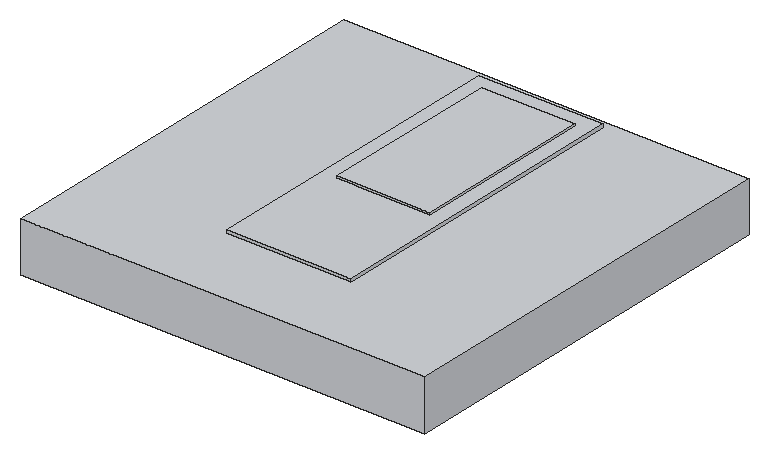
Revit family "室内组合消火栓箱 - 双栓 - 背面单进水接口带卷盘", category 机械设备, Revit 2016
Family settings
  主体 = 面
  零件类型 = 标准
  圆形连接件大小 = 使用半径
  加载时剪切的空心 = 是
  共享 = 否
  房间计算点 = 否
Parameters (values of type "类型 D - 背面 - 65 mm")
  明装 [instance] = no
  半暗装 [instance] = no
  暗装 [instance] = yes
  半径 = (B - 偏移 * 2) * 0.5 * 0.7  # 196.875 mm
  偏移 = B / 8  # 93.75 mm
  公称半径 = 32.5 mm
  公称直径 = 公称半径 * 2  # 65 mm
  H = 720 mm
  G = 140 mm
  自由标头 [instance] = 0.00 Pa
  流量 [instance] = 0.0 L/s
  F = 220 mm
  深度 1 [instance] = if(半暗装, 160 mm, if(明装, 50 mm, (C + 25 mm)))  # 265 mm
  默认高程 = 1100 mm
  D = 620 mm
  箱材质 = none
  C = 240 mm
  B = 750 mm
  A = 1900 mm
Types (3, lengths in mm): name | H | F | 深度 1 | D | C | A
  类型 D - 背面 - 65 mm | 720 | 220 | 265 | 620 | 240 | 1900
  薄型 1 - 背面 - 65 mm | 680 | 250 | 185 | 780 | 160 | 2000
  薄型 2 - 背面 - 65 mm | 680 | 250 | 205 | 780 | 180 | 2000
Reference planes
  plane 1 "中心(前/后)": y = 0
  plane 2: z = 0
  plane 3 "中心(左/右)": x = 0
  plane 4: x = -375
  plane 5: x = 375
  plane 6: y = -720
  plane 7: y = 1180
  plane 8: x = -281.25
  plane 9: x = 281.25
  plane 10: y = 1086.25
  plane 11: z = 25
  plane 12: z = 15
  plane 13: z = 50
  plane 14: z = -215
  plane 15: y = -100
  plane 16: y = -6.25
  plane 17: x = -155
  plane 18: x = 235
  plane 19: y = 540
Forms (mm)
  Extrusion 1, solid
    sketch origin (0, 0, 0) x (1, 0, 0) y (0, 1, 0)
      loop
        line (-1219.2, 1219.2) -> (-1219.2, -1219.2) -> (1219.2, -1219.2) -> (1219.2, 1219.2) -> (-1219.2, 1219.2)
    from 0 to -304.8
  Extrusion 2, solid, material <- "箱材质"
    sketch origin (0, 0, 0) x (1, 0, 0) y (0, 1, 0)
      loop
        line (-375, 1180) -> (-375, -720) -> (375, -720) -> (375, 1180) -> (-375, 1180)
    from -215 to 15
  Extrusion 3, solid, material <- "箱材质"
    sketch origin (0, 0, 0) x (1, 0, 0) y (0, 1, 0)
      loop
        line (-281.25, 1086.25) -> (-281.25, -6.25) -> (281.25, -6.25) -> (281.25, 1086.25) -> (-281.25, 1086.25)
    from 15 to 25
  Extrusion 4, solid, material <- "箱材质"
    sketch origin (-388.01, -4572, 15) x (-1, 0, 0) y (0, -1, 0)
      loop
        circle (-233.01, -4572) r 32.5
    from -230 to 0
  Extrusion 5, solid, material <- "箱材质"
    sketch origin (-388.01, -4572, 15) x (-1, 0, 0) y (0, -1, 0)
      loop
        circle (-623.01, -4572) r 32.5
    from 0 to -230
Cuts and joins
  joined: Extrusion 2, Extrusion 3, Extrusion 4, Extrusion 5
Lines and regions (mm)
  model lines, style "消火栓箱"
    curve 1: line (-375, -100, 15) -> (375, -100, 15)
    curve 2: line (-281.25, 1086.25, 25) -> (281.25, -6.25, 25)
    curve 3: line (281.25, 1086.25, 25) -> (-281.25, -6.25, 25)
    curve 4: circle (0, 540, 25) r 196.875 normal (0, 0, 1)
Dimensions and locks
  equal spacing: plane 4, plane 3 "中心(左/右)", plane 5
  "B": plane 4 to plane 5
  "H": plane 1 "中心(前/后)" to plane 6
  "A": plane 7 to plane 6
  "偏移": plane 4 to plane 8
  "偏移": plane 9 to plane 5
  "偏移": plane 7 to plane 10
  locked: plane 11 to plane 12 at 10
  locked: plane 13 to plane 2 at 50
  "深度 1": plane 13 to plane 14
  "C": plane 11 to plane 14
  "D": plane 15 to plane 6
  "偏移": plane 16 to plane 15
  "F": plane 17 to plane 4
  "G": plane 5 to plane 18
  equal spacing: plane 10, plane 19, plane 16
  "公称半径": radius of Extrusion 4 sketch curve
  "公称半径": radius of Extrusion 5 sketch curve
  "半径": radius of curve 4
  aligned and locked: plane 2 to Extrusion 1
  aligned and locked: level to Extrusion 1
  aligned and locked: Extrusion 2 sketch curve to plane 7
  aligned and locked: Extrusion 2 sketch curve to plane 4
  aligned and locked: Extrusion 2 sketch curve to plane 5
  aligned and locked: plane 12 to Extrusion 2
  aligned and locked: Extrusion 2 to plane 14
  aligned and locked: plane 5 to Extrusion 2
  aligned and locked: Extrusion 2 to plane 4
  aligned and locked: Extrusion 2 to plane 6
  aligned and locked: Extrusion 3 sketch curve to plane 10
  aligned and locked: plane 8 to Extrusion 3 sketch curve
  aligned and locked: Extrusion 3 sketch curve to plane 9
  aligned and locked: plane 11 to Extrusion 3
  aligned and locked: Extrusion 3 to plane 12
  aligned and locked: Extrusion 3 to plane 8
  aligned and locked: plane 9 to Extrusion 3
  aligned and locked: plane 10 to Extrusion 3
  aligned and locked: plane 4 to curve 1
  aligned and locked: plane 5 to curve 1
  aligned and locked: curve 1 to plane 15
  aligned and locked: plane 1 "中心(前/后)" to Extrusion 4 sketch curve
  aligned and locked: plane 17 to Extrusion 4 sketch curve
  aligned and locked: Extrusion 4 to plane 14
  aligned and locked: plane 12 to cut or joined group of Extrusion 2, Extrusion 3, Extrusion 4, Extrusion 5
  aligned and locked: plane 1 "中心(前/后)" to Extrusion 5 sketch curve
  aligned and locked: plane 18 to Extrusion 5 sketch curve
  aligned and locked: Extrusion 5 to plane 12
  aligned and locked: Extrusion 5 to plane 14
  aligned and locked: cut or joined group of Extrusion 2, Extrusion 3, Extrusion 4, Extrusion 5 to plane 16
  aligned and locked: plane 4 to nested 1
  aligned and locked: nested 1 to plane 14
  aligned and locked: plane 7 to nested 2
  aligned and locked: plane 14 to nested 2
  aligned and locked: plane 10 to curve 2
  aligned and locked: plane 8 to curve 2
  aligned and locked: plane 16 to cut or joined group of Extrusion 2, Extrusion 3, Extrusion 4, Extrusion 5
  aligned and locked: plane 8 to curve 3
  aligned and locked: plane 16 to curve 2
  aligned and locked: plane 9 to curve 2
  aligned and locked: plane 10 to curve 3
  aligned and locked: plane 9 to curve 3
  aligned and locked: plane 10 to cut or joined group of Extrusion 2, Extrusion 3, Extrusion 4, Extrusion 5
  aligned and locked: plane 8 to cut or joined group of Extrusion 2, Extrusion 3, Extrusion 4, Extrusion 5
  aligned and locked: plane 19 to curve 4
  aligned and locked: plane 3 "中心(左/右)" to curve 4
Automatic sketch dimensions
  Extrusion 1 sketch curve to Extrusion 1 sketch curve = 2438.4 mm  (x2)
  plane 6 to Extrusion 2 sketch curve = 0 mm
  plane 6 to Extrusion 3 sketch curve = 713.75 mm
  curve 3 to plane 16 = 0 mm
Nested families
  nested 1: "室内消火栓箱注释 - 双栓带卷盘 - 前视图" at (-375, 0, -215) x (1, 0, 0) z (0, -1, 0), type "室内消火栓箱注释 - 双栓带卷盘 - 前视图"
  nested 2: "室内消火栓箱注释 - 双栓带卷盘 - 左视图" at (-375, 1180, -215) x (0, -1, 0) z (1, 0, 0), type "室内消火栓箱注释 - 双栓带卷盘 - 左视图"
Connectors
  piping at (-155, 0, -215), diameter 65, driven by "流量", driven by "自由标头", driven by "公称半径"
    settings: on Extrusion 4, index 1, connector inside diameter 65 mm, connector length 0 mm, flow factor 0, pipe flow 0.0 L/s, pressure drop 0.00 Pa, fitting loss kfactor 0, connector angle 0.00°, fixture units 0, engagement length 0 mm, angle of deflection 0.00°, flow configuration 1, flow direction 1, fitting loss method 4, system type 26, joint type 0, gender type 0, connector reference index -1, connector utility 0, adjustable connector no, is connector primary yes, connector description "入口 1"
  piping at (235, 0, -215), diameter 65, driven by "流量", driven by "自由标头", driven by "公称半径"
    settings: on Extrusion 5, index 2, connector inside diameter 65 mm, connector length 0 mm, flow factor 0, pipe flow 0.0 L/s, pressure drop 0.00 Pa, fitting loss kfactor 0, connector angle 0.00°, fixture units 0, engagement length 0 mm, angle of deflection 0.00°, flow configuration 1, flow direction 1, fitting loss method 4, system type 26, joint type 0, gender type 0, connector reference index -1, connector utility 0, adjustable connector no, is connector primary no, connector description "入口 2"
Definition of nested family "室内消火栓箱注释 - 双栓带卷盘 - 前视图"
  Parameters
    宽度 1 = 长度 / 宽度 * 12 mm  # 30 mm
    宽度 = 200 mm
    长度 = 500 mm
  Reference planes
    plane 1 "中心(前/后)": y = 0
    plane 2: z = 0
    plane 3 "中心(左/右)": x = 0
    plane 4: x = 500
    plane 5: y = 200
    plane 6: x = 250
    plane 7: y = 100
    plane 8: y = 150
    plane 9: y = 138
    plane 10: x = 125
    plane 11: x = 155
    plane 12: x = 345
    plane 13: x = 375
  Lines and regions (mm)
    Filled region 1, type "实体填充 - 黑色", in view "参照标高"
      outline origin (0, 0, 0) x (1, 0, 0) y (0, 1, 0)
        loop
          line (0, 200) -> (0, 0) -> (250, 100) -> (0, 200)
    Filled region 2, type "实体填充 - 黑色", in view "参照标高"
      outline origin (0, 0, 0) x (1, 0, 0) y (0, 1, 0)
        loop
          line (250, 100) -> (500, 0) -> (500, 200) -> (250, 100)
    Filled region 3, type "实体填充 - 黑色", in view "参照标高"
      outline origin (0, 0, 0) x (1, 0, 0) y (0, 1, 0)
        loop
          line (0, 150) -> (0, 138) -> (500, 138) -> (500, 150) -> (0, 150)
    detail lines, in view "参照标高"
      curve 1: line (0, 200, 0) -> (500, 200, 0)
      curve 2: line (0, 0, 0) -> (0, 200, 0)
      curve 3: line (500, 0, 0) -> (0, 0, 0)
      curve 4: line (500, 200, 0) -> (500, 0, 0)
      curve 5: line (125, 150, 0) -> (375, 150, 0)
      curve 6: line (345, 138, 0) -> (155, 138, 0)
      curve 7: line (0, 0, 0) -> (250, 100, 0)
      curve 8: line (250, 100, 0) -> (500, 0, 0)
      curve 9: line (500, 200, 0) -> (375, 150, 0)
      curve 10: line (125, 150, 0) -> (0, 200, 0)
      curve 11: line (155, 138, 0) -> (250, 100, 0)
      curve 12: line (345, 138, 0) -> (250, 100, 0)
  Dimensions and locks
    "宽度": plane 5 to plane 1 "中心(前/后)"
    "长度": plane 3 "中心(左/右)" to plane 4
    equal spacing: plane 1 "中心(前/后)", plane 7, plane 5
    equal spacing: plane 5, plane 8, plane 7
    locked: plane 8 to plane 9 at 12
    "宽度 1": plane 10 to plane 11
    "宽度 1": plane 12 to plane 13
    equal spacing: plane 3 "中心(左/右)", plane 10, plane 6, plane 13, plane 4
    aligned and locked: curve 3 to plane 1 "中心(前/后)"
    aligned and locked: plane 3 "中心(左/右)" to curve 2
    aligned and locked: curve 4 to plane 4
    aligned and locked: plane 3 "中心(左/右)" to Filled region 1 sketch curve
    aligned and locked: plane 7 to Filled region 1 sketch curve
    aligned and locked: plane 6 to Filled region 1 sketch curve
    aligned and locked: Filled region 2 sketch curve to plane 4
    aligned and locked: plane 7 to Filled region 2 sketch curve
    aligned and locked: plane 6 to Filled region 2 sketch curve
    aligned and locked: Filled region 3 sketch curve to plane 8
    aligned and locked: plane 3 "中心(左/右)" to Filled region 3 sketch curve
    aligned and locked: plane 9 to Filled region 3 sketch curve
    aligned and locked: Filled region 3 sketch curve to plane 4
    aligned and locked: plane 1 "中心(前/后)" to curve 7
    aligned and locked: plane 4 to curve 8
    aligned and locked: plane 9 to curve 6
    aligned and locked: plane 8 to curve 9
    aligned and locked: plane 13 to curve 9
    aligned and locked: plane 5 to curve 9
    aligned and locked: plane 5 to curve 10
    aligned and locked: plane 3 "中心(左/右)" to curve 10
    aligned and locked: plane 8 to curve 10
    aligned and locked: plane 10 to curve 10
    aligned and locked: plane 11 to curve 11
    aligned and locked: plane 9 to curve 11
    aligned and locked: plane 12 to curve 12
    aligned and locked: plane 7 to curve 12
    aligned and locked: plane 6 to curve 12
  Automatic sketch dimensions
    plane 1 "中心(前/后)" to Filled region 1 sketch curve = 0 mm
    Filled region 1 sketch curve to plane 5 = 0 mm
    Filled region 2 sketch curve to plane 5 = 0 mm
    plane 1 "中心(前/后)" to Filled region 2 sketch curve = 0 mm
Definition of nested family "室内消火栓箱注释 - 双栓带卷盘 - 左视图"
  Parameters
    宽度 1 = 长度 / 宽度 * 12 mm  # 30 mm
    宽度 = 200 mm
    长度 = 500 mm
  Reference planes
    plane 1 "中心(前/后)": y = 0
    plane 2: z = 0
    plane 3 "中心(左/右)": x = 0
    plane 4: x = 500
    plane 5: y = 200
    plane 6: x = 250
    plane 7: y = 100
    plane 8: y = 150
    plane 9: y = 138
    plane 10: x = 125
    plane 11: x = 155
    plane 12: x = 345
    plane 13: x = 375
  Lines and regions (mm)
    Filled region 1, type "实体填充 - 黑色", in view "参照标高"
      outline origin (0, 0, 0) x (1, 0, 0) y (0, 1, 0)
        loop
          line (0, 200) -> (0, 0) -> (250, 100) -> (0, 200)
    Filled region 2, type "实体填充 - 黑色", in view "参照标高"
      outline origin (0, 0, 0) x (1, 0, 0) y (0, 1, 0)
        loop
          line (250, 100) -> (500, 0) -> (500, 200) -> (250, 100)
    Filled region 3, type "实体填充 - 黑色", in view "参照标高"
      outline origin (0, 0, 0) x (1, 0, 0) y (0, 1, 0)
        loop
          line (0, 150) -> (0, 138) -> (500, 138) -> (500, 150) -> (0, 150)
    detail lines, in view "参照标高"
      curve 1: line (0, 200, 0) -> (500, 200, 0)
      curve 2: line (0, 0, 0) -> (0, 200, 0)
      curve 3: line (500, 0, 0) -> (0, 0, 0)
      curve 4: line (500, 200, 0) -> (500, 0, 0)
      curve 5: line (125, 150, 0) -> (375, 150, 0)
      curve 6: line (345, 138, 0) -> (155, 138, 0)
      curve 7: line (0, 0, 0) -> (250, 100, 0)
      curve 8: line (250, 100, 0) -> (500, 0, 0)
      curve 9: line (500, 200, 0) -> (375, 150, 0)
      curve 10: line (125, 150, 0) -> (0, 200, 0)
      curve 11: line (155, 138, 0) -> (250, 100, 0)
      curve 12: line (345, 138, 0) -> (250, 100, 0)
  Dimensions and locks
    "宽度": plane 5 to plane 1 "中心(前/后)"
    "长度": plane 3 "中心(左/右)" to plane 4
    equal spacing: plane 1 "中心(前/后)", plane 7, plane 5
    equal spacing: plane 5, plane 8, plane 7
    locked: plane 8 to plane 9 at 12
    "宽度 1": plane 10 to plane 11
    "宽度 1": plane 12 to plane 13
    equal spacing: plane 3 "中心(左/右)", plane 10, plane 6, plane 13, plane 4
    aligned and locked: curve 3 to plane 1 "中心(前/后)"
    aligned and locked: plane 3 "中心(左/右)" to curve 2
    aligned and locked: curve 4 to plane 4
    aligned and locked: plane 3 "中心(左/右)" to Filled region 1 sketch curve
    aligned and locked: plane 7 to Filled region 1 sketch curve
    aligned and locked: plane 6 to Filled region 1 sketch curve
    aligned and locked: Filled region 2 sketch curve to plane 4
    aligned and locked: plane 7 to Filled region 2 sketch curve
    aligned and locked: plane 6 to Filled region 2 sketch curve
    aligned and locked: Filled region 3 sketch curve to plane 8
    aligned and locked: plane 3 "中心(左/右)" to Filled region 3 sketch curve
    aligned and locked: plane 9 to Filled region 3 sketch curve
    aligned and locked: Filled region 3 sketch curve to plane 4
    aligned and locked: plane 1 "中心(前/后)" to curve 7
    aligned and locked: plane 4 to curve 8
    aligned and locked: plane 9 to curve 6
    aligned and locked: plane 8 to curve 9
    aligned and locked: plane 13 to curve 9
    aligned and locked: plane 5 to curve 9
    aligned and locked: plane 5 to curve 10
    aligned and locked: plane 3 "中心(左/右)" to curve 10
    aligned and locked: plane 8 to curve 10
    aligned and locked: plane 10 to curve 10
    aligned and locked: plane 11 to curve 11
    aligned and locked: plane 9 to curve 11
    aligned and locked: plane 12 to curve 12
    aligned and locked: plane 7 to curve 12
    aligned and locked: plane 6 to curve 12
  Automatic sketch dimensions
    plane 1 "中心(前/后)" to Filled region 1 sketch curve = 0 mm
    Filled region 1 sketch curve to plane 5 = 0 mm
    Filled region 2 sketch curve to plane 5 = 0 mm
    plane 1 "中心(前/后)" to Filled region 2 sketch curve = 0 mm
